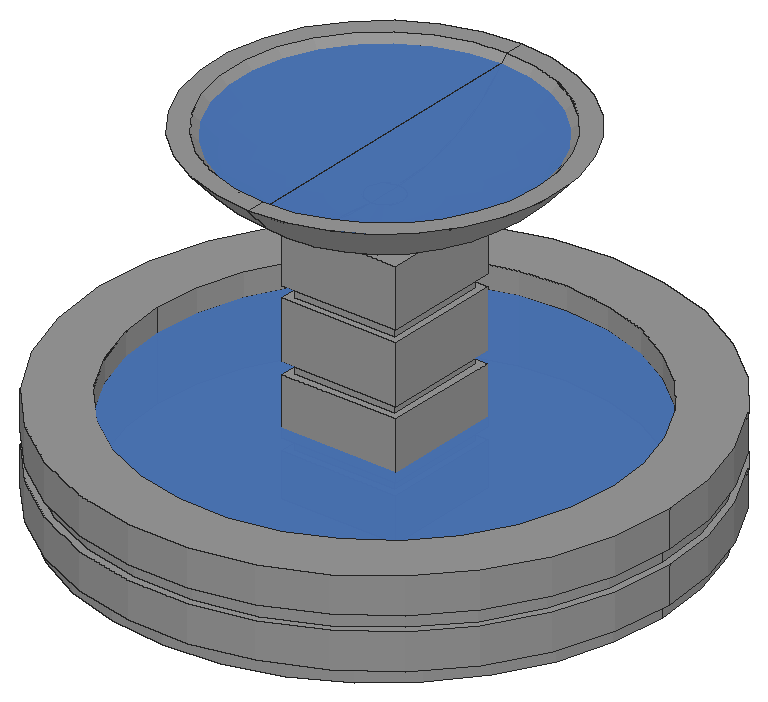
Revit family "Пример", category Антураж, Revit 2017
Family settings
  На основе рабочей плоскости = Нет
  Всегда вертикально = Да
  При загрузке вырезать с полостями = Нет
  Источник визуального образа = Геометрия семейства
  Общий = Нет
  Точка расчета площади = Нет
Parameters (values of type "Тип 1 (h=1200мм)")
  Изготовитель = "«Сады мира»"
  Высота = 920 mm
  Вода = Вода
  URL = "http://www.sadymira.ru/statii/proektirovanie-i-stroitelstvo-fontanov.html"
  H2 = no
  H1 = not(H2)  # yes
  ADSK_Размер_Диаметр = 2000 mm
  ADSK_Размер_Высота вазона = 280 mm
  ADSK_Размер_Высота бассейна = 350 mm
  ADSK_Размер_Высота = ADSK_Размер_Высота вазона + Высота  # 1200 mm
  ADSK_Наименование = "Фонтан"
  ADSK_Материал фонтана = Гранит полированный
Types (3, lengths in mm): name | Высота | H2 | H1 | ADSK_Размер_Высота | ADSK_Наименование
  (no name) | 920 | no | yes | 1200 | "Фонтан"
  Тип 1 (h=1200мм) | 920 | no | yes | 1200 | "Фонтан"
  Тип 2 (h=1000мм) | 720 | yes | no | 1000 | ""
Reference planes
  plane 1 "По центру (Вперед/Назад)": y = 0
  plane 2: z = 0
  plane 3 "По центру (Влево/Вправо)": x = 0
  plane 4: z = 920
Forms (mm)
  Sweep 1, solid, material "Гранит полированный" <- "ADSK_Материал фонтана"
    path origin (0, 0, 0) x (1, 0, 0) y (0, 1, 0)
      loop
        circle (0, 0) r 1000
    profile origin (0, 1000, 0) x (0, -1, 0) y (0, 0, 1)
      loop
        line (0, 225) -> (25, 225) -> (25, 175) -> (0, 175) -> (0, 50) -> (25, 50) -> (25, 0) -> (200, 0) -> (200, 350) -> (0, 350) -> (0, 225)
  Extrusion 2, solid, material "Гранит полированный" <- "ADSK_Материал фонтана"
    sketch origin (0, 0, 0) x (1, 0, 0) y (0, 1, 0)
      loop
        circle (0, 0) r 975
    from 0 to 50
  Sweep 3, solid, material "Гранит полированный" <- "ADSK_Материал фонтана", visible <- "H1"
    path origin (0, 0, 0) x (1, 0, 0) y (0, 1, 0)
      loop
        line (-200, -200) -> (200, -200) -> (200, 200) -> (-200, 200) -> (-200, -200)
    profile origin (0, -200, 0) x (0, 1, 0) y (0, 0, 1)
      loop
        line (0, 920) -> (0, 720) -> (25, 720) -> (25, 680) -> (0, 680) -> (0, 480) -> (25, 480) -> (25, 440) -> (0, 440) -> (0, 240) -> (25, 240) -> (25, 200) -> (0, 200) -> (0, 0) -> (120, 0) -> (120, 920) -> (0, 920)
  Extrusion 4, solid, material "Гранит полированный" <- "ADSK_Материал фонтана"
    sketch origin (0, 0, 0) x (1, 0, 0) y (0, 1, 0)
      loop
        line (-80, 80) -> (-80, -80) -> (80, -80) -> (80, 80) -> (-80, 80)
    from 0 to 720
  Revolve 5, solid, material "Гранит полированный" <- "ADSK_Материал фонтана", visible <- "H1"
    sketch origin (0, 0, 0) x (0, 1, 0) y (0, 0, 1)
      loop
        line (-100, 920) -> (0, 920) -> (0, 989.972) -> (-61.687, 989.972)
        arc (-61.687, 989.972) -> (-322.985, 1040.63) -> (-536.161, 1200) r 595.887
        line (-536.161, 1200) -> (-600, 1200)
        arc (-600, 1200) -> (-379.869, 1012.53) -> (-100, 939.889) r 645.887
        line (-100, 939.889) -> (-100, 920)
      axis (0, 1200) -> (0, 920)
    angle from 0 to 360
  Extrusion 6, solid, material "Вода" <- "Вода"
    sketch origin (0, 0, 0) x (1, 0, 0) y (0, 1, 0)
      loop
        circle (0, 0) r 800
    from 272.975 to 50
  Revolve 7, solid, material "Вода" <- "Вода", visible <- "H1"
    sketch origin (0, 0, 50) x (0, 1, 0) y (0, 0, 1)
      loop
        arc (-516.176, 1126.281) -> (-309.384, 985.169) -> (-63.168, 939.861) r 604.991
        line (-63.168, 939.861) -> (0, 939.861) -> (0, 1126.281) -> (-516.176, 1126.281)
      axis (0, 1126.281) -> (0, 939.861)
    angle from 0 to 360
  Sweep 8, solid, material "Гранит полированный" <- "ADSK_Материал фонтана", visible <- "H2"
    path origin (0, 0, 0) x (1, 0, 0) y (0, 1, 0)
      loop
        line (-200, -200) -> (200, -200) -> (200, 200) -> (-200, 200) -> (-200, -200)
    profile origin (0, -200, 0) x (0, 1, 0) y (0, 0, 1)
      loop
        line (120, 0) -> (120, 720) -> (0, 720) -> (0, 520) -> (25, 520) -> (25, 480) -> (0, 480) -> (0, 280) -> (25, 280) -> (25, 240) -> (0, 240) -> (0, 0) -> (120, 0)
  Revolve 9, solid, material "Гранит полированный" <- "ADSK_Материал фонтана", visible <- "H2"
    sketch origin (0, 0, -199.889) x (0, 1, 0) y (0, 0, 1)
      loop
        line (-100, 919.889) -> (0, 919.889) -> (0, 989.861) -> (-61.687, 989.861)
        arc (-61.687, 989.861) -> (-322.985, 1040.519) -> (-536.161, 1199.889) r 595.887
        line (-536.161, 1199.889) -> (-600, 1199.889)
        arc (-600, 1199.889) -> (-379.869, 1012.419) -> (-100, 939.779) r 645.887
        line (-100, 939.779) -> (-100, 919.889)
      axis (0, 1199.889) -> (0, 919.889)
    angle from 0 to 360
  Revolve 10, solid, material "Вода" <- "Вода", visible <- "H2"
    sketch origin (0, 0, -149.889) x (0, 1, 0) y (0, 0, 1)
      loop
        arc (-516.176, 1126.281) -> (-309.384, 985.169) -> (-63.168, 939.861) r 604.991
        line (-63.168, 939.861) -> (0, 939.861) -> (0, 1126.281) -> (-516.176, 1126.281)
      axis (0, 1126.281) -> (0, 939.861)
    angle from 0 to 360
Cuts and joins
  joined: Sweep 1, Extrusion 2, Extrusion 4
Dimensions and locks
  "ADSK_Размер_Высота бассейна": cut or joined group of Sweep 1, Extrusion 2, Extrusion 4 to level
  level to Revolve 9 = 1000 mm
  plane 4 to plane 2 = 920 mm
  "Высота": plane 4 to plane 2
  radius of Extrusion 2 sketch curve = 975 mm
  aligned and locked: level to plane 2
  aligned and locked: Sweep 1 to Extrusion 2
  aligned and locked: Sweep 3 sketch curve to Sweep 3 sketch curve  (x2)
  aligned and locked: Extrusion 6 to cut or joined group of Sweep 1, Extrusion 2, Extrusion 4
  aligned and locked: Sweep 8 sketch curve to Sweep 8 sketch curve
Automatic sketch dimensions
  plane 1 "По центру (Вперед/Назад)" to Sweep 1 sketch curve = 0 mm
  Sweep 1 sketch curve to plane 3 "По центру (Влево/Вправо)" = 0 mm
  Sweep 1 sketch curve to profile plane = 0 mm  (x3)
  Sweep 1 sketch curve to level = 0 mm
  Sweep 1 sketch curve to profile plane = 25 mm  (x2)
  Sweep 1 sketch curve to Sweep 1 sketch curve = 175 mm
  level to Sweep 1 sketch curve = 50 mm
  Sweep 1 sketch curve to Sweep 1 sketch curve = 125 mm  (x2)
  Sweep 1 sketch curve to Sweep 1 sketch curve = 50 mm
  plane 1 "По центру (Вперед/Назад)" to Extrusion 2 sketch curve = 0 mm
  Extrusion 2 sketch curve to plane 3 "По центру (Влево/Вправо)" = 0 mm
  Sweep 3 sketch curve to plane 3 "По центру (Влево/Вправо)" = 200 mm
  plane 3 "По центру (Влево/Вправо)" to Sweep 3 sketch curve = 200 mm
  plane 1 "По центру (Вперед/Назад)" to Sweep 3 sketch curve = 200 mm
  Sweep 3 sketch curve to plane 1 "По центру (Вперед/Назад)" = 200 mm
  Sweep 3 sketch curve to profile plane = 0 mm  (x4)
  Sweep 3 sketch curve to level = 0 mm
  Sweep 3 sketch curve to profile plane = 25 mm
  Sweep 3 sketch curve to profile plane = 120 mm
  level to Sweep 3 sketch curve = 200 mm
  Sweep 3 sketch curve to Sweep 3 sketch curve = 40 mm  (x3)
  Sweep 3 sketch curve to Sweep 3 sketch curve = 200 mm  (x3)
  Revolve 5 sketch curve to Revolve 5 sketch curve = 0 mm  (x2)
  Revolve 5 sketch curve to plane 1 "По центру (Вперед/Назад)" = 0 mm  (x2)
  plane 1 "По центру (Вперед/Назад)" to Revolve 5 sketch curve = 100 mm
  Revolve 5 sketch curve to Revolve 5 sketch curve = 38.313 mm
  plane 1 "По центру (Вперед/Назад)" to Revolve 5 sketch curve = 81.787 mm
  Revolve 5 sketch curve to Revolve 5 sketch curve = 474.475 mm
  Revolve 5 sketch curve to Revolve 5 sketch curve = 63.839 mm
  level to Revolve 5 sketch curve = 920 mm
  Revolve 5 sketch curve to Revolve 5 sketch curve = 19.889 mm
  Revolve 5 sketch curve to Revolve 5 sketch curve = 69.972 mm
  level to Revolve 5 sketch curve = 440 mm
  Revolve 5 sketch curve to Revolve 5 sketch curve = 230.028 mm
  plane 1 "По центру (Вперед/Назад)" to Extrusion 6 sketch curve = 0 mm
  Extrusion 6 sketch curve to plane 3 "По центру (Влево/Вправо)" = 0 mm
  Revolve 7 sketch curve to plane 1 "По центру (Вперед/Назад)" = 0 mm  (x2)
  Revolve 7 sketch curve to Revolve 7 sketch curve = 63.168 mm
  plane 1 "По центру (Вперед/Назад)" to Revolve 7 sketch curve = 79.154 mm
  Revolve 7 sketch curve to Revolve 7 sketch curve = 453.009 mm
  level to Revolve 7 sketch curve = 989.861 mm
  Revolve 7 sketch curve to Revolve 7 sketch curve = 186.42 mm
  Revolve 7 sketch curve to Revolve 7 sketch curve = 238.234 mm
  Revolve 7 sketch curve to Revolve 7 sketch curve = 238.748 mm
  Sweep 8 sketch curve to plane 3 "По центру (Влево/Вправо)" = 200 mm
  plane 3 "По центру (Влево/Вправо)" to Sweep 8 sketch curve = 200 mm
  plane 1 "По центру (Вперед/Назад)" to Sweep 8 sketch curve = 200 mm
  Sweep 8 sketch curve to plane 1 "По центру (Вперед/Назад)" = 200 mm
  Sweep 8 sketch curve to level = 0 mm
  Sweep 8 sketch curve to profile plane = 0 mm  (x3)
  Sweep 8 sketch curve to profile plane = 25 mm
  level to Sweep 8 sketch curve = 240 mm
  Sweep 8 sketch curve to Sweep 8 sketch curve = 40 mm  (x2)
  Sweep 8 sketch curve to Sweep 8 sketch curve = 200 mm  (x2)
  Sweep 8 sketch curve to profile plane = 120 mm
  Extrusion 4 sketch curve to plane 3 "По центру (Влево/Вправо)" = 80 mm
  plane 3 "По центру (Влево/Вправо)" to Extrusion 4 sketch curve = 80 mm
  plane 1 "По центру (Вперед/Назад)" to Extrusion 4 sketch curve = 80 mm
  Extrusion 4 sketch curve to plane 1 "По центру (Вперед/Назад)" = 80 mm
  Revolve 9 sketch curve to Revolve 9 sketch curve = 0 mm  (x3)
  Revolve 9 sketch curve to plane 1 "По центру (Вперед/Назад)" = 0 mm  (x2)
  plane 1 "По центру (Вперед/Назад)" to Revolve 9 sketch curve = 61.687 mm
  plane 1 "По центру (Вперед/Назад)" to Revolve 9 sketch curve = 81.787 mm
  Revolve 9 sketch curve to Revolve 9 sketch curve = 38.313 mm
  Revolve 9 sketch curve to Revolve 9 sketch curve = 436.161 mm
  Revolve 9 sketch curve to Revolve 9 sketch curve = 63.839 mm
  Revolve 9 sketch curve to Revolve 9 sketch curve = 69.972 mm
  level to Revolve 9 sketch curve = 240.111 mm
  Revolve 10 sketch curve to plane 1 "По центру (Вперед/Назад)" = 0 mm  (x2)
  Revolve 10 sketch curve to Revolve 10 sketch curve = 63.168 mm
  plane 1 "По центру (Вперед/Назад)" to Revolve 10 sketch curve = 79.154 mm
  Revolve 10 sketch curve to Revolve 10 sketch curve = 453.009 mm
  Revolve 10 sketch curve to Revolve 10 sketch curve = 238.234 mm
  Revolve 9 sketch curve to Revolve 9 sketch curve = 300 mm
  Revolve 10 sketch curve to Revolve 10 sketch curve = 186.42 mm
  Revolve 9 sketch curve to Revolve 9 sketch curve = 19.889 mm
  Revolve 10 sketch curve to Revolve 10 sketch curve = 179.612 mm
  Revolve 9 sketch curve to Revolve 9 sketch curve = 479.889 mm
  level to Revolve 10 sketch curve = 789.972 mm
  radius of Sweep 1 sketch curve = 1000 mm
  radius of Extrusion 6 sketch curve = 800 mm
